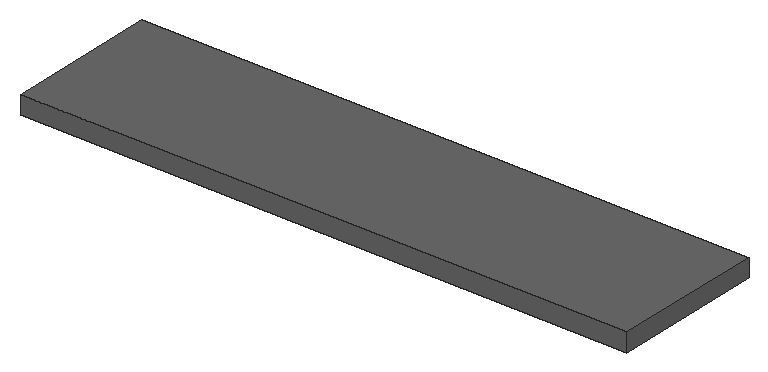
Revit family "SIGNUM Dämmgummi LP50", category HLS-Bauteile, Revit 2023
Family settings
  Bemaßung runder Anschluss = Durchmesser verwenden
  Klassifizierung = Keine
  Teiletyp = Normal
  Arbeitsebenenbasiert = Ja
  Immer vertikal = Nein
  Beim Laden mit Abzugskörper schneiden = Nein
  Beschriftungsausrichtung beibehalten = Nein
  Gemeinsam genutzt = Ja
  Raumberechnungspunkt = Nein
Parameters
  vpe = "10"
  max. Temperaturbeständigkeit = "100 °C"
  Default Elevation = 1219.2 mm
  Stärke = 3 mm
  Regelhalter [instance] = ""
  Profiltyp = "LP50"
  Montagelänge [instance] = 100 mm
  Mengeneinheit = "m"
  Materialname = "EPDM"
  Material = "Gummi"
  Länge = 10000 mm
  Kurztext2 = "10 m Gummi"
  Kurztext1 = "SIGNUM Dämmgummi LP50"
  Gewicht pro Stück [instance] = (Gewicht * Montagelänge / (1000 mm * 1000 mm)) * 1000 mm  # 0.0119 kg
  Gewicht pro Bauteil [instance] = Gewicht pro Stück  # 0.0119 kg
  Gewicht = 0.119 kg
  Gesamtgewicht [instance] = Gewicht pro Bauteil  # 0.0119 kg
  Farbe = "Schwarz"
  Fabrikat = "MEFA"
  EAN = "4250928467898"
  Dämmstärke = 3 mm
  Breite = 25 mm
  Artikelnummer = "72102032"
Reference planes
  plane 1 "Mitte (Vorne/hinten)": y = 0
  plane 2: z = 0
  plane 3 "Mitte (Links/rechts)": x = 0
Forms (mm)
  Extrusion 1, solid, material "MEFA Gummi EPDM"
    sketch origin (0, 0, 0) x (0, 1, 0) y (0, 0, 1)
      loop
        line (12.5, 0) -> (12.5, 3) -> (-12.5, 3) -> (-12.5, 0) -> (12.5, 0)
    from 0 to 100
Dimensions and locks
  "Montagelänge": Extrusion 1 to plane 3 "Mitte (Links/rechts)"
  aligned and locked: level to plane 2
Automatic sketch dimensions
  Extrusion 1 sketch curve to level = 0 mm
  plane 1 "Mitte (Vorne/hinten)" to Extrusion 1 sketch curve = 12.5 mm
  level to Extrusion 1 sketch curve = 3 mm
  Extrusion 1 sketch curve to plane 1 "Mitte (Vorne/hinten)" = 12.5 mm
